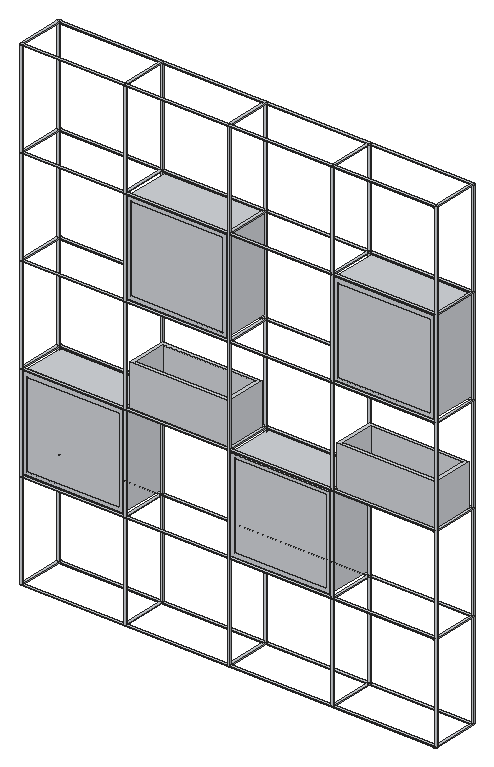
Revit family "Estante de Ferro Industrial", category Mobiliário, Revit 2019
Family settings
  Número OmniClass = 23.40.20.00
  Título OmniClass = General Furniture and Specialties
  Com base no plano de trabalho = Não
  Sempre na vertical = Sim
  Corte com vazios quando carregada = Não
  Compartilhado = Não
  Ponto de cálculo do ambiente = Não
Parameters (values of type "Padrão")
  Profundidade [instance] = 20 cm
  Nicho = none
  Largura [instance] = 180 cm
  Estrutura = none
  Altura Nicho Horizontal [instance] = 18 cm
  Altura [instance] = 210 cm
Types (2, lengths in cm): name | Nicho | Largura | Estrutura | Altura
  Padrão | none | 180 | none | 210
  200 x 200 x 20 | Madeira Nichos | 200 | Ferro Preto | 200
Reference planes (cm)
  plane 1 "Centro (Frente/Trás)": y = 0
  plane 2: z = 0
  plane 3 "Centro (Esquerda/Direita)": x = 0
  plane 4: x = 90
  plane 5: x = -90
  plane 6: y = 10
  plane 7: y = -10
  plane 8: z = 210
  plane 9: z = 42
  plane 10: z = 84
  plane 11: z = 126
  plane 12: z = 168
  plane 13: x = 45
  plane 14: x = -45
Forms (cm)
  Extrusion 1, solid, material <- "Estrutura"
    sketch origin (14.265, 12.5479, 0) x (1, 0, 0) y (0, 1, 0)
      loop
        circle (-104.265, -22.5479) r 0.5
    from 0 to 210
  Extrusion 2, solid, material <- "Estrutura"
    sketch origin (128.265, 12.5479, 0) x (1, 0, 0) y (0, 1, 0)
      loop
        circle (-38.265, -22.5479) r 0.5
    from 0 to 210
  Extrusion 3, solid, material <- "Estrutura"
    sketch origin (42.765, 12.5479, 0) x (1, 0, 0) y (0, 1, 0)
      loop
        circle (-87.765, -22.5479) r 0.5
    from 0 to 210
  Extrusion 4, solid, material <- "Estrutura"
    sketch origin (71.265, 12.5479, 0) x (1, 0, 0) y (0, 1, 0)
      loop
        circle (-71.265, -22.5479) r 0.5
    from 0 to 210
  Extrusion 5, solid, material <- "Estrutura"
    sketch origin (99.765, 12.5479, 0) x (1, 0, 0) y (0, 1, 0)
      loop
        circle (-54.765, -22.5479) r 0.5
    from 0 to 210
  Extrusion 6, solid, material <- "Estrutura"
    sketch origin (14.265, 32.5479, 0) x (1, 0, 0) y (0, 1, 0)
      loop
        circle (-104.265, -22.5479) r 0.5
    from 0 to 210
  Extrusion 7, solid, material <- "Estrutura"
    sketch origin (128.265, 32.5479, 0) x (1, 0, 0) y (0, 1, 0)
      loop
        circle (-38.265, -22.5479) r 0.5
    from 0 to 210
  Extrusion 8, solid, material <- "Estrutura"
    sketch origin (42.765, 32.5479, 0) x (1, 0, 0) y (0, 1, 0)
      loop
        circle (-87.765, -22.5479) r 0.5
    from 0 to 210
  Extrusion 9, solid, material <- "Estrutura"
    sketch origin (71.265, 32.5479, 0) x (1, 0, 0) y (0, 1, 0)
      loop
        circle (-71.265, -22.5479) r 0.5
    from 0 to 210
  Extrusion 10, solid, material <- "Estrutura"
    sketch origin (99.765, 32.5479, 0) x (1, 0, 0) y (0, 1, 0)
      loop
        circle (-54.765, -22.5479) r 0.5
    from 0 to 210
  Extrusion 11, solid
    sketch origin (0, 0, 0) x (0, 1, 0) y (0, 0, 1)
      loop
        circle (-10, 210) r 0.5
      loop
        circle (10, 210) r 0.5
    from -90 to 90
  Extrusion 12, solid
    sketch origin (0, 0, -210) x (0, 1, 0) y (0, 0, 1)
      loop
        circle (-10, 210) r 0.5
      loop
        circle (10, 210) r 0.5
    from -90 to 90
  Extrusion 13, solid
    sketch origin (0, 0, -174) x (0, 1, 0) y (0, 0, 1)
      loop
        circle (-10, 216) r 0.5
      loop
        circle (10, 216) r 0.5
    from -90 to 90
  Extrusion 14, solid
    sketch origin (0, 0, -136) x (0, 1, 0) y (0, 0, 1)
      loop
        circle (-10, 220) r 0.5
      loop
        circle (10, 220) r 0.5
    from -90 to 90
  Extrusion 15, solid
    sketch origin (0, 0, -88) x (0, 1, 0) y (0, 0, 1)
      loop
        circle (-10, 214) r 0.5
      loop
        circle (10, 214) r 0.5
    from -90 to 90
  Extrusion 16, solid
    sketch origin (0, 0, -50) x (0, 1, 0) y (0, 0, 1)
      loop
        circle (-10, 218) r 0.5
      loop
        circle (10, 218) r 0.5
    from -90 to 90
  Extrusion 17, solid
    sketch origin (0, 0, 0) x (1, 0, 0) y (0, 0, 1)
      loop
        circle (-90, 0) r 0.5
      loop
        circle (-45, 0) r 0.5
      loop
        circle (-90, 42) r 0.5
      loop
        circle (-90, 84) r 0.5
      loop
        circle (-90, 126) r 0.5
      loop
        circle (-90, 168) r 0.5
      loop
        circle (-90, 210) r 0.5
      loop
        circle (-45, 42) r 0.5
      loop
        circle (-45, 84) r 0.5
      loop
        circle (-45, 126) r 0.5
      loop
        circle (-45, 168) r 0.5
      loop
        circle (-45, 210) r 0.5
      loop
        circle (0, 42) r 0.5
      loop
        circle (0, 84) r 0.5
      loop
        circle (0, 126) r 0.5
      loop
        circle (0, 168) r 0.5
      loop
        circle (0, 210) r 0.5
      loop
        circle (45, 42) r 0.5
      loop
        circle (45, 84) r 0.5
      loop
        circle (45, 126) r 0.5
      loop
        circle (45, 168) r 0.5
      loop
        circle (45, 210) r 0.5
      loop
        circle (90, 42) r 0.5
      loop
        circle (90, 84) r 0.5
      loop
        circle (90, 126) r 0.5
      loop
        circle (90, 168) r 0.5
      loop
        circle (90, 210) r 0.5
      loop
        circle (0, 0) r 0.5
      loop
        circle (45, 0) r 0.5
      loop
        circle (90, 0) r 0.5
    from -10 to 10
  Extrusion 18, solid, material <- "Nicho"
    sketch origin (0, 0, 0) x (1, 0, 0) y (0, 0, 1)
      loop
        line (1, 43) -> (44, 43) -> (44, 83) -> (1, 83) -> (1, 43)
      loop
        line (2.5, 44.5) -> (42.5, 44.5) -> (42.5, 81.5) -> (2.5, 81.5) -> (2.5, 44.5)
    from -10 to 10
  Extrusion 19, solid, material <- "Nicho"
    sketch origin (0, 0, 0) x (1, 0, 0) y (0, 0, 1)
      loop
        line (1, 83) -> (1, 43) -> (44, 43) -> (44, 83) -> (1, 83)
    from 8 to 10
  Extrusion 20, solid, material <- "Nicho"
    sketch origin (-50, 0, 80) x (1, 0, 0) y (0, 0, 1)
      loop
        line (6, 47) -> (49, 47) -> (49, 87) -> (6, 87) -> (6, 47)
      loop
        line (7.5, 48.5) -> (47.5, 48.5) -> (47.5, 85.5) -> (7.5, 85.5) -> (7.5, 48.5)
    from -10 to 10
  Extrusion 21, solid, material <- "Nicho"
    sketch origin (-50, 0, 80) x (1, 0, 0) y (0, 0, 1)
      loop
        line (6, 87) -> (6, 47) -> (49, 47) -> (49, 87) -> (6, 87)
    from 8 to 10
  Extrusion 22, solid, material <- "Nicho"
    sketch origin (50, 0, 80) x (1, 0, 0) y (0, 0, 1)
      loop
        line (-4, 47) -> (39, 47) -> (39, 87) -> (-4, 87) -> (-4, 47)
      loop
        line (-2.5, 48.5) -> (37.5, 48.5) -> (37.5, 85.5) -> (-2.5, 85.5) -> (-2.5, 48.5)
    from -10 to 10
  Extrusion 23, solid, material <- "Nicho"
    sketch origin (50, 0, 80) x (1, 0, 0) y (0, 0, 1)
      loop
        line (-4, 87) -> (-4, 47) -> (39, 47) -> (39, 87) -> (-4, 87)
    from 8 to 10
  Extrusion 24, solid, material <- "Nicho"
    sketch origin (-100, 0, 0) x (1, 0, 0) y (0, 0, 1)
      loop
        line (11, 43) -> (54, 43) -> (54, 83) -> (11, 83) -> (11, 43)
      loop
        line (12.5, 44.5) -> (52.5, 44.5) -> (52.5, 81.5) -> (12.5, 81.5) -> (12.5, 44.5)
    from -10 to 10
  Extrusion 25, solid, material <- "Nicho"
    sketch origin (-100, 0, 0) x (1, 0, 0) y (0, 0, 1)
      loop
        line (11, 83) -> (11, 43) -> (54, 43) -> (54, 83) -> (11, 83)
    from 8 to 10
  Extrusion 26, solid, material <- "Nicho"
    sketch origin (0, 0, 0) x (1, 0, 0) y (0, 1, 0)
      loop
        line (46, 9) -> (46, -9) -> (89, -9) -> (89, 9) -> (46, 9)
      loop
        line (87.5, -7.5) -> (87.5, 7.5) -> (47.5, 7.5) -> (47.5, -7.5) -> (87.5, -7.5)
    from 84 to 102
  Extrusion 27, solid, material <- "Nicho"
    sketch origin (0, 0, 0) x (1, 0, 0) y (0, 1, 0)
      loop
        line (-44, 9) -> (-44, -9) -> (-1, -9) -> (-1, 9) -> (-44, 9)
      loop
        line (-2.5, -7.5) -> (-2.5, 7.5) -> (-42.5, 7.5) -> (-42.5, -7.5) -> (-2.5, -7.5)
    from 84 to 102
Dimensions and locks (cm)
  equal spacing: plane 5, plane 3 "Centro (Esquerda/Direita)", plane 4
  "Largura": plane 5 to plane 4
  equal spacing: plane 6, plane 1 "Centro (Frente/Trás)", plane 7
  "Profundidade": plane 6 to plane 7
  equal spacing: plane 5, Extrusion 3 sketch curve, plane 3 "Centro (Esquerda/Direita)"
  equal spacing: plane 3 "Centro (Esquerda/Direita)", Extrusion 5 sketch curve, plane 4
  equal spacing: plane 5, Extrusion 8 sketch curve, plane 3 "Centro (Esquerda/Direita)"
  equal spacing: plane 3 "Centro (Esquerda/Direita)", Extrusion 10 sketch curve, plane 4
  "Altura": plane 8 to level
  equal spacing: plane 8, plane 12, plane 11, plane 10, plane 9, level
  equal spacing: plane 3 "Centro (Esquerda/Direita)", plane 13, plane 4
  equal spacing: plane 3 "Centro (Esquerda/Direita)", plane 14, plane 5
  locked: Extrusion 19 to Extrusion 19 at 2
  locked: Extrusion 21 to Extrusion 21 at 2
  locked: Extrusion 23 to Extrusion 23 at 2
  locked: Extrusion 25 to Extrusion 25 at 2
  "Altura Nicho Horizontal": Extrusion 26 to plane 10
  aligned and locked: level to plane 2
  aligned and locked: plane 4 to Extrusion 2 sketch curve
  aligned and locked: plane 7 to Extrusion 2 sketch curve
  aligned and locked: plane 8 to Extrusion 2
  aligned and locked: plane 8 to Extrusion 5
  aligned and locked: plane 8 to Extrusion 4
  aligned and locked: plane 8 to Extrusion 3
  aligned and locked: plane 8 to Extrusion 1
  aligned and locked: plane 8 to Extrusion 7
  aligned and locked: plane 8 to Extrusion 10
  aligned and locked: plane 8 to Extrusion 9
  aligned and locked: plane 8 to Extrusion 8
  aligned and locked: plane 8 to Extrusion 6
  aligned and locked: plane 8 to Extrusion 11 sketch curve  (x2)
  aligned and locked: plane 7 to Extrusion 11 sketch curve
  aligned and locked: plane 6 to Extrusion 11 sketch curve
  aligned and locked: plane 5 to Extrusion 11
  aligned and locked: level to Extrusion 12 sketch curve  (x2)
  aligned and locked: plane 7 to Extrusion 12 sketch curve
  aligned and locked: plane 6 to Extrusion 12 sketch curve
  aligned and locked: Extrusion 11 to plane 4
  aligned and locked: plane 5 to Extrusion 12
  aligned and locked: Extrusion 12 to plane 4
  aligned and locked: plane 12 to Extrusion 16 sketch curve  (x2)
  aligned and locked: plane 7 to Extrusion 16 sketch curve
  aligned and locked: plane 6 to Extrusion 16 sketch curve
  aligned and locked: plane 7 to Extrusion 15 sketch curve
  aligned and locked: plane 11 to Extrusion 15 sketch curve  (x2)
  aligned and locked: plane 6 to Extrusion 15 sketch curve
  aligned and locked: plane 7 to Extrusion 14 sketch curve
  aligned and locked: plane 10 to Extrusion 14 sketch curve  (x2)
  aligned and locked: plane 6 to Extrusion 14 sketch curve
  aligned and locked: plane 9 to Extrusion 13 sketch curve  (x2)
  aligned and locked: plane 7 to Extrusion 13 sketch curve
  aligned and locked: plane 6 to Extrusion 13 sketch curve
  aligned and locked: plane 5 to Extrusion 15
  aligned and locked: plane 5 to Extrusion 16
  aligned and locked: plane 5 to Extrusion 14
  aligned and locked: plane 5 to Extrusion 13
  aligned and locked: Extrusion 16 to plane 4
  aligned and locked: Extrusion 15 to plane 4
  aligned and locked: Extrusion 14 to plane 4
  aligned and locked: Extrusion 13 to plane 4
  aligned and locked: plane 5 to Extrusion 17 sketch curve  (x5)
  aligned and locked: plane 2 to Extrusion 17 sketch curve
  aligned and locked: level to Extrusion 17 sketch curve  (x4)
  aligned and locked: plane 6 to Extrusion 17
  aligned and locked: Extrusion 17 to plane 7
  aligned and locked: plane 8 to Extrusion 17 sketch curve  (x5)
  aligned and locked: plane 12 to Extrusion 17 sketch curve  (x5)
  aligned and locked: plane 11 to Extrusion 17 sketch curve  (x5)
  aligned and locked: plane 10 to Extrusion 17 sketch curve  (x5)
  aligned and locked: plane 3 "Centro (Esquerda/Direita)" to Extrusion 17 sketch curve  (x6)
  aligned and locked: plane 4 to Extrusion 17 sketch curve  (x6)
  aligned and locked: plane 9 to Extrusion 17 sketch curve  (x5)
  aligned and locked: Extrusion 17 sketch curve to plane 13  (x2)
  aligned and locked: plane 13 to Extrusion 17 sketch curve  (x4)
  aligned and locked: plane 14 to Extrusion 17 sketch curve  (x4)
  aligned and locked: Extrusion 17 sketch curve to plane 14  (x2)
  aligned and locked: plane 6 to Extrusion 18
  aligned and locked: Extrusion 18 to plane 7
  aligned and locked: Extrusion 19 sketch curve to Extrusion 18  (x4)
  aligned and locked: Extrusion 19 to Extrusion 18
  aligned and locked: Extrusion 21 sketch curve to Extrusion 20  (x4)
  aligned and locked: Extrusion 21 to Extrusion 20
  aligned and locked: Extrusion 23 sketch curve to Extrusion 22  (x4)
  aligned and locked: Extrusion 23 to Extrusion 22
  aligned and locked: Extrusion 25 sketch curve to Extrusion 24  (x4)
  aligned and locked: Extrusion 25 to Extrusion 24
  aligned and locked: plane 6 to Extrusion 22
  aligned and locked: Extrusion 23 to plane 7
  aligned and locked: Extrusion 25 to Extrusion 19
  aligned and locked: Extrusion 20 to Extrusion 22
  aligned and locked: Extrusion 24 to Extrusion 18
  aligned and locked: Extrusion 20 to Extrusion 18
  aligned and locked: Extrusion 26 to plane 10
  aligned and locked: Extrusion 26 to Extrusion 27
  aligned and locked: Extrusion 27 to plane 10
Automatic sketch dimensions
  Extrusion 1 sketch curve to plane 5 = 0 cm
  Extrusion 1 sketch curve to plane 7 = 0 cm
  Extrusion 3 sketch curve to plane 7 = 0 cm
  Extrusion 4 sketch curve to plane 3 "Centro (Esquerda/Direita)" = 0 cm
  Extrusion 4 sketch curve to plane 7 = 0 cm
  Extrusion 5 sketch curve to plane 7 = 0 cm
  Extrusion 6 sketch curve to plane 5 = 0 cm
  Extrusion 6 sketch curve to plane 6 = 0 cm
  Extrusion 7 sketch curve to plane 4 = 0 cm
  plane 6 to Extrusion 7 sketch curve = 0 cm
  Extrusion 8 sketch curve to plane 6 = 0 cm
  Extrusion 9 sketch curve to plane 3 "Centro (Esquerda/Direita)" = 0 cm
  Extrusion 9 sketch curve to plane 6 = 0 cm
  Extrusion 10 sketch curve to plane 6 = 0 cm
  plane 5 to Extrusion 17 sketch curve = 0 cm
  plane 3 "Centro (Esquerda/Direita)" to Extrusion 18 sketch curve = 1 cm
  Extrusion 18 sketch curve to Extrusion 18 sketch curve = 1.5 cm  (x2)
  plane 13 to Extrusion 18 sketch curve = 2.5 cm
  plane 13 to Extrusion 18 sketch curve = 1 cm
  plane 9 to Extrusion 18 sketch curve = 1 cm
  Extrusion 18 sketch curve to plane 10 = 2.5 cm
  Extrusion 18 sketch curve to plane 10 = 1 cm
  Extrusion 20 sketch curve to plane 14 = 1 cm
  Extrusion 20 sketch curve to Extrusion 20 sketch curve = 1.5 cm  (x2)
  Extrusion 20 sketch curve to plane 3 "Centro (Esquerda/Direita)" = 2.5 cm
  Extrusion 20 sketch curve to plane 3 "Centro (Esquerda/Direita)" = 1 cm
  plane 11 to Extrusion 20 sketch curve = 1 cm
  Extrusion 20 sketch curve to plane 12 = 2.5 cm
  Extrusion 20 sketch curve to plane 12 = 1 cm
  Extrusion 22 sketch curve to plane 13 = 1 cm
  Extrusion 22 sketch curve to Extrusion 22 sketch curve = 1.5 cm  (x2)
  plane 4 to Extrusion 22 sketch curve = 2.5 cm
  plane 4 to Extrusion 22 sketch curve = 1 cm
  plane 11 to Extrusion 22 sketch curve = 1 cm
  Extrusion 22 sketch curve to plane 12 = 2.5 cm
  Extrusion 22 sketch curve to plane 12 = 1 cm
  Extrusion 24 sketch curve to plane 5 = 1 cm
  Extrusion 24 sketch curve to Extrusion 24 sketch curve = 1.5 cm  (x2)
  plane 14 to Extrusion 24 sketch curve = 2.5 cm
  plane 14 to Extrusion 24 sketch curve = 1 cm
  plane 9 to Extrusion 24 sketch curve = 1 cm
  Extrusion 24 sketch curve to plane 10 = 2.5 cm
  Extrusion 24 sketch curve to plane 10 = 1 cm
  Extrusion 26 sketch curve to plane 13 = 1 cm
  Extrusion 26 sketch curve to Extrusion 26 sketch curve = 1.5 cm  (x2)
  plane 4 to Extrusion 26 sketch curve = 2.5 cm
  plane 4 to Extrusion 26 sketch curve = 1 cm
  plane 7 to Extrusion 26 sketch curve = 1 cm
  Extrusion 26 sketch curve to plane 6 = 2.5 cm
  Extrusion 26 sketch curve to plane 6 = 1 cm
  Extrusion 27 sketch curve to plane 14 = 1 cm
  Extrusion 27 sketch curve to Extrusion 27 sketch curve = 1.5 cm  (x2)
  Extrusion 27 sketch curve to plane 3 "Centro (Esquerda/Direita)" = 2.5 cm
  Extrusion 27 sketch curve to plane 3 "Centro (Esquerda/Direita)" = 1 cm
  plane 7 to Extrusion 27 sketch curve = 1 cm
  Extrusion 27 sketch curve to plane 6 = 2.5 cm
  Extrusion 27 sketch curve to plane 6 = 1 cm
  radius of Extrusion 1 sketch curve = 0.5 cm
  radius of Extrusion 2 sketch curve = 0.5 cm
  radius of Extrusion 3 sketch curve = 0.5 cm
  radius of Extrusion 4 sketch curve = 0.5 cm
  radius of Extrusion 5 sketch curve = 0.5 cm
  radius of Extrusion 6 sketch curve = 0.5 cm
  radius of Extrusion 7 sketch curve = 0.5 cm
  radius of Extrusion 8 sketch curve = 0.5 cm
  radius of Extrusion 9 sketch curve = 0.5 cm
  radius of Extrusion 10 sketch curve = 0.5 cm
  radius of Extrusion 11 sketch curve = 0.5 cm  (x2)
  radius of Extrusion 12 sketch curve = 0.5 cm  (x2)
  radius of Extrusion 13 sketch curve = 0.5 cm  (x2)
  radius of Extrusion 14 sketch curve = 0.5 cm  (x2)
  radius of Extrusion 15 sketch curve = 0.5 cm  (x2)
  radius of Extrusion 16 sketch curve = 0.5 cm  (x2)
  radius of Extrusion 17 sketch curve = 0.5 cm  (x30)
